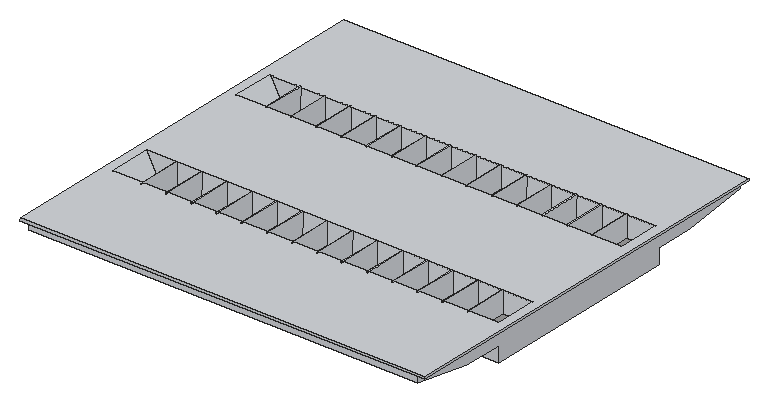
Revit family "0052580 Sylvania Lighting Fixture RANA NEO 3300LM REC 600x600 830 SSC 2L WHITE", category Lighting Fixtures, host Face, Revit 2016
Family settings
  Host = Face
  Part Type = Normal
  Round Connector Dimension = Use Diameter
  OmniClass Number = 23.80.70.00
  OmniClass Title = Lighting
  Cut with Voids When Loaded = No
  Light Source = Yes
  Shared = No
  Room Calculation Point = No
Parameters (values of type "0052580 RANA NEO 3300LM R 600 830 SSC 2L WHT")
  fin7 = 37 mm
  fin3 = 332 mm
  fin2 [instance] = 368 mm
  fin 6 = 110 mm
  fin 5 = 185 mm
  fin 4 = 258 mm
  fin 3 [instance] = 318 mm
  fin 2 = 407 mm
  fin 1 = 480 mm
  Width_SYL = if([600x600_SYL], 595 mm, if([625x625_SYL], 620 mm, if([1200_SYL], 296 mm, 306 mm)))  # 595 mm
  Weight = "n/a"
  Wattage Comments = ""
  Wattage = 28 W
  WarrantyStartDate [instance] = "n/a"
  WarrantyGuarantorParts = "n/a"
  WarrantyDurationUnit = "n/a"
  WarrantyDurationParts = ""
  WarrantyDescription = "http://www.sylvania-lighting.com"
  built-in parameter 1150110 = 1 (stored number, unit not read)
  Voltage = 0 V
  URL = "0.95"
  TypeName = "RANA NEO 3300LM REC 600x600 830 SSC 2L WHITE"
  Type Image = <None>
  Type Comments = "n/a"
  built-in parameter 1114217 = 1 (stored number, unit not read)
  TopWidth_SYL = if([600x600_SYL], 295 mm, if([625x625_SYL], 295 mm, if([1200_SYL], 165 mm, 165 mm)))  # 295 mm
  Tilt Angle = -90.00°
  built-in parameter 1150109 = 1 (stored number, unit not read)
  built-in parameter 1150134 = (empty or 0)
  built-in parameter 1150113 = 1 (stored number, unit not read)
  SlopeTopWidth_SYL = if([600x600_SYL], 410 mm, if([625x625_SYL], 410 mm, if([1200_SYL], 168 mm, 168 mm)))  # 410 mm
  SlopeBottomWidth_SYL = if([600x600_SYL], 593 mm, if([625x625_SYL], 593 mm, if([1200_SYL], 244 mm, 244 mm)))  # 593 mm
  SlopeHeight_SYL = if([600x600_SYL], 17 mm, if([625x625_SYL], 17 mm, if([1200_SYL], 40 mm, 40 mm)))  # 17 mm
  SerialNumber [instance] = "n/a"
  ReflectorNumber_SYL = if([1Ref_SYL], 2, if([2Ref_SYL], 2, 3))  # 2
  ReflectorLength_SYL = Length_SYL - Inset_SYL * 2 - 5 mm  # 550 mm
  ReflectorInset_SYL = if([1Ref_SYL], 82.4 mm, if([2Ref_SYL], 30 mm, 30 mm))  # 30 mm
  Photometric Web File = "0052580.ies"
  Material_3_SYL = none
  PowerFactor = 0.95
  PowerConsumption = "Lighting"
  NominalLength = 595 mm
  NominalHeight = 60 mm
  NominalDepth = 595 mm
  Name = "RANA NEO 3300LM REC 600x600 830 SSC 2L WHITE"
  ModelReference = Name  # "RANA NEO 3300LM REC 600x600 830 SSC 2L WHITE"
  ModelNumber = "0052580"
  Model = Name  # "RANA NEO 3300LM REC 600x600 830 SSC 2L WHITE"
  Material = "Feilo Sylvania"
  ManufacturerName = "108 lm/W"
  Manufacturer = ""
  LuminousEfficacy = ""
  built-in parameter 1150105 = 222.82 (stored number, unit not read)
  Lumens = 2800 lm
  LuminaireType = "0"
  built-in parameter 1150115 = 1 (stored number, unit not read)
  LouverNumber_SYL = if([600x600_SYL], 14, if([625x625_SYL], 14, if([1200_SYL], 28, 28)))  # 14
  LightOutputRatio = "LED"
  built-in parameter 1150137 = (empty or 0)
  built-in parameter 1150139 = (empty or 0)
  Length_SYL = if([600x600_SYL], 595 mm, if([625x625_SYL], 620 mm, if([1200_SYL], 1196 mm, 1246 mm)))  # 595 mm
  LampsType = Lamp  # "n/a"
  LampNominalLuminous = "3000 K"
  LampMacAdamStep = "80"
  LampColourTemperature = "LED"
  LampColourRenderingIndex = "16500"
  built-in parameter 1150112 = 1 (stored number, unit not read)
  built-in parameter 1150114 = 1 (stored number, unit not read)
  Lamp = "n/a"
  LED position [instance] = 410 mm
  LED inside width = 165 mm
  LED inner void = 521.5 mm
  LED Width = 290 mm
  LED Length = 568 mm
  Keynote = "n/a"
  InstallationDate [instance] = "n/a"
  Inset_SYL = 20 mm  # constant formula
  InputVoltage = "0"
  InputNominalFrequency = "3000"
  built-in parameter 1150132 = (empty or 0)
  built-in parameter 1150102 = (empty or 0)
  built-in parameter 1150107 = 3000 (stored number, unit not read)
  built-in parameter 1150138 = (empty or 0)
  IngressProtection = "IfcLightFixtureType"
  ImpactProtectionIndex = "IfcLightFixtureType"
  built-in parameter 1150106 = 2.2282 (stored number, unit not read)
  IfcExportType = "IfcLightFixtureType"
  IfcExportAs = "Class I"
  Height = 52 mm
  Emit from Rectangle Width = if([1Ref_SYL], 48 mm, TopWidth_SYL - 13 mm)  # 282 mm
  Emit from Rectangle Length = ReflectorLength_SYL - 8 mm  # 542 mm
  Emit Shape Visible in Rendering = no
  ElectricShockClassification = "108"
  built-in parameter 1150104 = 9.2903 (stored number, unit not read)
  DocumentationLiterature = "http://www.sylvania-lighting.com/product/en-int/products/0052580"
  DimmingControlOptions = "n/a"
  Material_2_SYL = none
  Dimming Lamp Color Temperature Shift = <None>
  Description = "-"
  Default Elevation = 1219.2 mm
  CreatedOn = "25/11/2019"
  CreatedBy = "@sylvania-lighting.com"
  Cost = 0
  Color Filter = 16777215
  built-in parameter 1114216 [instance] = (empty or 0)
  ClassificationValue = "EF_70_80"
  ClassificationName = "Uniclass2015"
  Material_1_SYL = none
  BarCode [instance] = "n/a"
  built-in parameter 1114218 = 1 (stored number, unit not read)
  built-in parameter 1150133 = 10 (stored number, unit not read)
  AssetType = "Fixed"
  AssetIdentifier [instance] = "n/a"
  Assembly Code = "D5020200"
  Apparent Load = 31 VA
  Material_4_SYL = none
  625x625_SYL = no
  600x600_SYL = yes
  2Ref_SYL = yes
  1Ref_SYL = no
  1200_SYL = no
Reference planes
  plane 1 "Center (Front/Back)": y = 0
  plane 2: z = 0
  plane 3 "Center (Left/Right)": x = 0
  plane 4: x = 297.5
  plane 5: x = -297.5
  plane 6: y = 297.5
  plane 7: y = -297.5
  plane 8: z = -120
  plane 9: z = -3
  plane 10: z = -12
  plane 11: z = -29
  plane 12: z = -52
  plane 13: y = -296.5
  plane 14: y = 296.5
  plane 15: y = 145
  plane 16: y = -145
  plane 17: y = 82.5
  plane 18: y = -82.5
  plane 19: x = -284
  plane 20: x = 284
  plane 21: y = 141
  plane 22: y = 86.5
  plane 23: x = -264
  plane 24: x = 257.5
  plane 25: x = -286
  plane 26: x = 286
  plane 27: y = -86.5
  plane 28: y = -141
  plane 29: x = 18.5
  plane 30: x = -18.5
  plane 31: x = 55
  plane 32: x = -55
  plane 33: x = 92.5
  plane 34: x = -92.5
  plane 35: x = 129
  plane 36: x = -129
  plane 37: x = 166
  plane 38: x = -166
  plane 39: x = -203.5
  plane 40: x = 203.5
  plane 41: x = -240
  plane 42: x = 240
  plane 43: x = 169.5
  plane 44: x = 162.5
  plane 45: x = 166.5
  plane 46: x = 165.5
Forms (mm)
  Extrusion 1, void
    sketch origin (0, 0, 0) x (1, 0, 0) y (0, 1, 0)
      loop
        line (-297.5, 297.5) -> (-297.5, -297.5) -> (297.5, -297.5) -> (297.5, 297.5) -> (-297.5, 297.5)
    from -120 to 0
  Extrusion 2, solid, detail levels medium+fine
    sketch origin (0, 0, 0) x (0, 1, 0) y (0, 0, 1)
      loop
        line (-296.5, 0) -> (-296.5, -12) -> (-205, -29) -> (-147.5, -29) -> (-147.5, -52) -> (147.5, -52) -> (147.5, -29) -> (205, -29) -> (296.5, -17.514) -> (296.5, 0) -> (-296.5, 0)
    from -286 to 286
  Extrusion 3, solid, detail levels medium+fine
    sketch origin (275, 1524, 1219.2) x (0, 1, 0) y (0, 0, 1)
      loop
        line (-1226.5, -1222.2) -> (-1226.5, -1219.2) -> (-1820.5, -1219.2) -> (-1820.5, -1222.2) -> (-1226.5, -1222.2)
    from 11 to 22.5
  Extrusion 4, solid, detail levels medium+fine
    sketch origin (-275, 1524, 1219.2) x (0, 1, 0) y (0, 0, 1)
      loop
        line (-1820.5, -1222.2) -> (-1227.5, -1222.2) -> (-1227.5, -1219.2) -> (-1820.5, -1219.2) -> (-1820.5, -1222.2)
    from -11 to -22.5
  Extrusion 5, solid, detail levels medium+fine
    sketch origin (0, 0, 0) x (0, 1, 0) y (0, 0, 1)
      loop
        line (-297.5, 0) -> (-297.5, -3) -> (-296.5, -3) -> (-296.5, 0) -> (-297.5, 0)
      loop
        line (297.5, -3) -> (297.5, 0) -> (296.5, 0) -> (296.5, -3) -> (297.5, -3)
    from -297.5 to 297.5
  Blend 6, void
    base sketch origin (0, 0, 0) x (1, 0, 0) y (0, 1, 0)
      loop
        line (-284, 145) -> (-284, 82.5) -> (284, 82.5) -> (284, 145) -> (-284, 145)
    top sketch origin (0, 0, 0) x (1, 0, 0) y (0, 1, 0)
      loop
        line (-264, 141) -> (-264, 86.5) -> (257.5, 86.5) -> (257.5, 141) -> (-264, 141)
    from 0 to -29
  Blend 7, void
    base sketch origin (0, 0, 0) x (1, 0, 0) y (0, 1, 0)
      loop
        line (-284, -82.5) -> (-284, -145) -> (284, -145) -> (284, -82.5) -> (-284, -82.5)
    top sketch origin (0, 0, 0) x (1, 0, 0) y (0, 1, 0)
      loop
        line (257.5, -86.5) -> (-264, -86.5) -> (-264, -141) -> (257.5, -141) -> (257.5, -86.5)
    from 0 to -29
  Extrusion 8, solid, detail levels fine
    sketch origin (0, 0, 0) x (1, 0, 0) y (0, 0, 1)
      loop
        line (162.5, -29) -> (169.5, -29) -> (166.5, 0) -> (165.5, 0) -> (162.5, -29)
    from -145 to -82.5
  Extrusion 9, solid, detail levels fine
    sketch origin (37.5, 0, 0) x (1, 0, 0) y (0, 0, 1)
      loop
        line (162.5, -29) -> (169.5, -29) -> (166.5, 0) -> (165.5, 0) -> (162.5, -29)
    from -145 to -82.5
  Extrusion 10, solid, detail levels fine
    sketch origin (74, 0, 0) x (1, 0, 0) y (0, 0, 1)
      loop
        line (162.5, -29) -> (169.5, -29) -> (166.5, 0) -> (165.5, 0) -> (162.5, -29)
    from -145 to -82.5
  Extrusion 11, solid, detail levels fine
    sketch origin (-37, 0, 0) x (1, 0, 0) y (0, 0, 1)
      loop
        line (162.5, -29) -> (169.5, -29) -> (166.5, 0) -> (165.5, 0) -> (162.5, -29)
    from -145 to -82.5
  Extrusion 12, solid, detail levels fine
    sketch origin (-73.5, 0, 0) x (1, 0, 0) y (0, 0, 1)
      loop
        line (162.5, -29) -> (169.5, -29) -> (166.5, 0) -> (165.5, 0) -> (162.5, -29)
    from -145 to -82.5
  Extrusion 13, solid, detail levels fine
    sketch origin (-111, 0, 0) x (1, 0, 0) y (0, 0, 1)
      loop
        line (162.5, -29) -> (169.5, -29) -> (166.5, 0) -> (165.5, 0) -> (162.5, -29)
    from -145 to -82.5
  Extrusion 14, solid, detail levels fine
    sketch origin (-147.5, 0, 0) x (1, 0, 0) y (0, 0, 1)
      loop
        line (162.5, -29) -> (169.5, -29) -> (166.5, 0) -> (165.5, 0) -> (162.5, -29)
    from -145 to -82.5
  Extrusion 15, solid, detail levels fine
    sketch origin (-184.5, 0, 0) x (1, 0, 0) y (0, 0, 1)
      loop
        line (162.5, -29) -> (169.5, -29) -> (166.5, 0) -> (165.5, 0) -> (162.5, -29)
    from -145 to -82.5
  Extrusion 16, solid, detail levels fine
    sketch origin (-221, 0, 0) x (1, 0, 0) y (0, 0, 1)
      loop
        line (162.5, -29) -> (169.5, -29) -> (166.5, 0) -> (165.5, 0) -> (162.5, -29)
    from -145 to -82.5
  Extrusion 17, solid, detail levels fine
    sketch origin (-258.5, 0, 0) x (1, 0, 0) y (0, 0, 1)
      loop
        line (162.5, -29) -> (169.5, -29) -> (166.5, 0) -> (165.5, 0) -> (162.5, -29)
    from -145 to -82.5
  Extrusion 18, solid, detail levels fine
    sketch origin (-295, 0, 0) x (1, 0, 0) y (0, 0, 1)
      loop
        line (162.5, -29) -> (169.5, -29) -> (166.5, 0) -> (165.5, 0) -> (162.5, -29)
    from -145 to -82.5
  Extrusion 19, solid, detail levels fine
    sketch origin (-332, 0, 0) x (1, 0, 0) y (0, 0, 1)
      loop
        line (162.5, -29) -> (169.5, -29) -> (166.5, 0) -> (165.5, 0) -> (162.5, -29)
    from -145 to -82.5
  Extrusion 20, solid, detail levels fine
    sketch origin (-369.5, 0, 0) x (1, 0, 0) y (0, 0, 1)
      loop
        line (162.5, -29) -> (169.5, -29) -> (166.5, 0) -> (165.5, 0) -> (162.5, -29)
    from -145 to -82.5
  Extrusion 21, solid, detail levels fine
    sketch origin (-406, 0, 0) x (1, 0, 0) y (0, 0, 1)
      loop
        line (162.5, -29) -> (169.5, -29) -> (166.5, 0) -> (165.5, 0) -> (162.5, -29)
    from -145 to -82.5
  Extrusion 22, solid, detail levels fine
    sketch origin (-406.072, 0, -0.017) x (1, 0, 0) y (0, 0, 1)
      loop
        line (162.5, -29) -> (169.5, -29) -> (166.5, 0) -> (165.5, 0) -> (162.5, -29)
    from 82.5 to 147.5
  Extrusion 23, solid, detail levels fine
    sketch origin (-369.572, 0, -0.017) x (1, 0, 0) y (0, 0, 1)
      loop
        line (162.5, -29) -> (169.5, -29) -> (166.5, 0) -> (165.5, 0) -> (162.5, -29)
    from 82.5 to 147.5
  Extrusion 24, solid, detail levels fine
    sketch origin (-331.998, 0, -0.017) x (1, 0, 0) y (0, 0, 1)
      loop
        line (162.5, -29) -> (169.5, -29) -> (166.5, 0) -> (165.5, 0) -> (162.5, -29)
    from 82.5 to 147.5
  Extrusion 25, solid, detail levels fine
    sketch origin (-294.998, 0, -0.017) x (1, 0, 0) y (0, 0, 1)
      loop
        line (162.5, -29) -> (169.5, -29) -> (166.5, 0) -> (165.5, 0) -> (162.5, -29)
    from 82.5 to 147.5
  Extrusion 26, solid, detail levels fine
    sketch origin (-258.498, 0, -0.017) x (1, 0, 0) y (0, 0, 1)
      loop
        line (162.5, -29) -> (169.5, -29) -> (166.5, 0) -> (165.5, 0) -> (162.5, -29)
    from 82.5 to 147.5
  Extrusion 27, solid, detail levels fine
    sketch origin (-221, 0, -0.017) x (1, 0, 0) y (0, 0, 1)
      loop
        line (162.5, -29) -> (169.5, -29) -> (166.5, 0) -> (165.5, 0) -> (162.5, -29)
    from 82.5 to 147.5
  Extrusion 28, solid, detail levels fine
    sketch origin (-184.5, 0, -0.017) x (1, 0, 0) y (0, 0, 1)
      loop
        line (162.5, -29) -> (169.5, -29) -> (166.5, 0) -> (165.5, 0) -> (162.5, -29)
    from 82.5 to 147.5
  Extrusion 29, solid, detail levels fine
    sketch origin (-147.5, 0, -0.017) x (1, 0, 0) y (0, 0, 1)
      loop
        line (162.5, -29) -> (169.5, -29) -> (166.5, 0) -> (165.5, 0) -> (162.5, -29)
    from 82.5 to 147.5
  Extrusion 30, solid, detail levels fine
    sketch origin (-111, 0, -0.017) x (1, 0, 0) y (0, 0, 1)
      loop
        line (162.5, -29) -> (169.5, -29) -> (166.5, 0) -> (165.5, 0) -> (162.5, -29)
    from 82.5 to 147.5
  Extrusion 31, solid, detail levels fine
    sketch origin (-73.5, 0, -0.017) x (1, 0, 0) y (0, 0, 1)
      loop
        line (162.5, -29) -> (169.5, -29) -> (166.5, 0) -> (165.5, 0) -> (162.5, -29)
    from 82.5 to 147.5
  Extrusion 32, solid, detail levels fine
    sketch origin (-37, 0, -0.017) x (1, 0, 0) y (0, 0, 1)
      loop
        line (162.5, -29) -> (169.5, -29) -> (166.5, 0) -> (165.5, 0) -> (162.5, -29)
    from 82.5 to 147.5
  Extrusion 33, solid, detail levels fine
    sketch origin (0, 0, -0.017) x (1, 0, 0) y (0, 0, 1)
      loop
        line (162.5, -29) -> (169.5, -29) -> (166.5, 0) -> (165.5, 0) -> (162.5, -29)
    from 82.5 to 147.5
  Extrusion 34, solid, detail levels fine
    sketch origin (37.5, 0, -0.017) x (1, 0, 0) y (0, 0, 1)
      loop
        line (162.5, -29) -> (169.5, -29) -> (166.5, 0) -> (165.5, 0) -> (162.5, -29)
    from 82.5 to 147.5
  Extrusion 35, solid, detail levels fine
    sketch origin (74, 0, -0.017) x (1, 0, 0) y (0, 0, 1)
      loop
        line (162.5, -29) -> (169.5, -29) -> (166.5, 0) -> (165.5, 0) -> (162.5, -29)
    from 82.5 to 147.5
  Extrusion 36, solid, material "Glass, White, High Luminance", detail levels fine
    sketch origin (0, 0, 0) x (1, 0, 0) y (0, 1, 0)
      loop
        line (-264, 141) -> (-264, 86.5) -> (257.5, 86.5) -> (257.5, 141) -> (-264, 141)
    from -29 to -28
  Extrusion 37, solid, material "Glass, White, High Luminance", detail levels fine
    sketch origin (0, 0, 0) x (1, 0, 0) y (0, 1, 0)
      loop
        line (-264, -86.5) -> (-264, -141) -> (257.5, -141) -> (257.5, -86.5) -> (-264, -86.5)
    from -29 to -28
  Extrusion 38, solid, detail levels coarse
    sketch origin (0, 0, 0) x (1, 0, 0) y (0, 1, 0)
      loop
        line (-297.5, 297.5) -> (-297.5, -297.5) -> (297.5, -297.5) -> (297.5, 297.5) -> (-297.5, 297.5)
    from -52 to 0
Cuts and joins
  Blend 6, Blend 7 cuts Extrusion 2
  Blend 6, Blend 7 cuts Extrusion 3
  Blend 6, Blend 7 cuts Extrusion 4
  Blend 6, Blend 7 cuts Extrusion 5
  joined: Extrusion 2, Extrusion 3, Extrusion 4, Extrusion 5
Dimensions and locks
  "Length_SYL": plane 5 to plane 4
  locked: plane 2 to plane 8 at 120
  locked: plane 2 to plane 9 at 3
  locked: plane 2 to plane 10 at 12
  "SlopeHeight_SYL": plane 11 to plane 10
  "Height": plane 2 to plane 12
  equal spacing: plane 13, plane 1 "Center (Front/Back)", plane 14
  "SlopeBottomWidth_SYL": plane 13 to plane 14
  "LED Width": plane 15 to plane 16
  equal spacing: plane 15, plane 1 "Center (Front/Back)", plane 16
  "LED inside width": plane 17 to plane 18
  equal spacing: plane 17, plane 1 "Center (Front/Back)", plane 18
  "LED Length": plane 19 to plane 20
  equal spacing: plane 19, plane 3 "Center (Left/Right)", plane 20
  "LED inner void": plane 23 to plane 24
  "fin7": plane 29 to plane 30
  equal spacing: plane 29, plane 3 "Center (Left/Right)", plane 30
  "fin 6": plane 31 to plane 32
  equal spacing: plane 31, plane 3 "Center (Left/Right)", plane 32
  "fin 5": plane 33 to plane 34
  equal spacing: plane 33, plane 3 "Center (Left/Right)", plane 34
  "fin 4": plane 35 to plane 36
  equal spacing: plane 35, plane 3 "Center (Left/Right)", plane 36
  "fin 2": plane 40 to plane 39
  equal spacing: plane 40, plane 3 "Center (Left/Right)", plane 39
  "fin3": plane 37 to plane 38
  equal spacing: plane 37, plane 3 "Center (Left/Right)", plane 38
  "fin 1": plane 42 to plane 41
  equal spacing: plane 42, plane 3 "Center (Left/Right)", plane 41
  aligned and locked: plane 2 to host face
  aligned and locked: level to host face
  aligned and locked: plane 6 to Extrusion 1 sketch curve
  aligned and locked: plane 5 to Extrusion 1 sketch curve
  aligned and locked: Extrusion 1 sketch curve to plane 7
  aligned and locked: Extrusion 1 sketch curve to plane 4
  aligned and locked: level to Extrusion 1
  aligned and locked: plane 8 to Extrusion 1
  aligned and locked: plane 2 to Extrusion 1
  aligned and locked: plane 10 to Extrusion 2 sketch curve
  aligned and locked: plane 12 to Extrusion 2 sketch curve
  aligned and locked: plane 11 to Extrusion 2 sketch curve  (x2)
  aligned and locked: Extrusion 2 sketch curve to level
  aligned and locked: Extrusion 3 sketch curve to Extrusion 2
  aligned and locked: plane 6 to Extrusion 3 sketch curve
  aligned and locked: plane 4 to Extrusion 3
  aligned and locked: cut or joined group of Extrusion 2, Extrusion 3, Extrusion 4, Extrusion 5, Blend 6, Blend 7 to Extrusion 4 sketch curve  (x3)
  aligned and locked: Extrusion 4 sketch curve to cut or joined group of Extrusion 2, Extrusion 3, Extrusion 4, Extrusion 5, Blend 6, Blend 7
  aligned and locked: Extrusion 4 to plane 5
  aligned and locked: Extrusion 3 to Extrusion 2
  aligned and locked: Extrusion 4 to Extrusion 2
  aligned and locked: plane 14 to Extrusion 2 sketch curve
  aligned and locked: plane 13 to Extrusion 2 sketch curve
  aligned and locked: Extrusion 5 sketch curve to level  (x2)
  aligned and locked: Extrusion 5 sketch curve to plane 7
  aligned and locked: Extrusion 5 sketch curve to cut or joined group of Extrusion 2, Extrusion 3, Extrusion 4, Extrusion 5, Blend 6, Blend 7  (x4)
  aligned and locked: cut or joined group of Extrusion 2, Extrusion 3, Extrusion 4, Extrusion 5, Blend 6, Blend 7 to Extrusion 5 sketch curve
  aligned and locked: Extrusion 5 to plane 5
  aligned and locked: plane 4 to Extrusion 5
Automatic sketch dimensions
  host sketch curve to host sketch curve = 1219.2 mm
  host sketch curve to host sketch curve = 1211.616 mm
  Extrusion 2 sketch curve to plane 16 = 60 mm
  Extrusion 2 sketch curve to plane 16 = 2.5 mm
  plane 15 to Extrusion 2 sketch curve = 2.5 mm
  Extrusion 2 sketch curve to Extrusion 2 sketch curve = 57.5 mm
  plane 10 to Extrusion 2 sketch curve = 5.514 mm
  plane 9 to Extrusion 3 sketch curve = 0 mm
  Extrusion 3 sketch curve to plane 13 = 0 mm
  Blend 6 sketch curve to plane 17 = 0 mm
  Blend 6 sketch curve to plane 19 = 0 mm
  Blend 6 sketch curve to plane 20 = 0 mm
  Blend 6 sketch curve to plane 15 = 0 mm
  Blend 6 sketch curve to plane 22 = 0 mm
  Blend 6 sketch curve to plane 23 = 0 mm
  Blend 6 sketch curve to plane 24 = 0 mm
  Blend 6 sketch curve to plane 21 = 0 mm
  Blend 7 sketch curve to plane 16 = 0 mm
  Blend 7 sketch curve to plane 19 = 0 mm
  Blend 7 sketch curve to plane 20 = 0 mm
  Blend 7 sketch curve to plane 18 = 0 mm
  Blend 7 sketch curve to plane 23 = 0 mm
  Blend 7 sketch curve to plane 24 = 0 mm
  Blend 7 sketch curve to plane 28 = 0 mm
  Blend 7 sketch curve to plane 27 = 0 mm
  Extrusion 8 sketch curve to plane 11 = 0 mm
  Extrusion 8 sketch curve to plane 44 = 0 mm
  Extrusion 8 sketch curve to level = 0 mm
  Extrusion 8 sketch curve to plane 46 = 0 mm
  Extrusion 8 sketch curve to plane 45 = 0 mm
  Extrusion 8 sketch curve to plane 43 = 0 mm
  Extrusion 9 sketch curve to plane 11 = 0 mm
  Extrusion 9 sketch curve to level = 0 mm
  Extrusion 9 sketch curve to plane 40 = 3.5 mm
  Extrusion 9 sketch curve to plane 40 = 0.5 mm
  plane 40 to Extrusion 9 sketch curve = 0.5 mm
  plane 40 to Extrusion 9 sketch curve = 3.5 mm
  Extrusion 10 sketch curve to plane 11 = 0 mm
  Extrusion 10 sketch curve to level = 0 mm
  Extrusion 10 sketch curve to plane 42 = 3.5 mm
  Extrusion 10 sketch curve to plane 42 = 0.5 mm
  plane 42 to Extrusion 10 sketch curve = 0.5 mm
  plane 42 to Extrusion 10 sketch curve = 3.5 mm
  Extrusion 11 sketch curve to plane 11 = 0 mm
  Extrusion 11 sketch curve to level = 0 mm
  Extrusion 11 sketch curve to plane 35 = 3.5 mm
  Extrusion 11 sketch curve to plane 35 = 0.5 mm
  plane 35 to Extrusion 11 sketch curve = 0.5 mm
  plane 35 to Extrusion 11 sketch curve = 3.5 mm
  Extrusion 12 sketch curve to plane 11 = 0 mm
  Extrusion 12 sketch curve to level = 0 mm
  Extrusion 12 sketch curve to plane 33 = 3.5 mm
  Extrusion 12 sketch curve to plane 33 = 0.5 mm
  plane 33 to Extrusion 12 sketch curve = 0.5 mm
  plane 33 to Extrusion 12 sketch curve = 3.5 mm
  Extrusion 13 sketch curve to plane 11 = 0 mm
  Extrusion 13 sketch curve to level = 0 mm
  Extrusion 13 sketch curve to plane 31 = 3.5 mm
  Extrusion 13 sketch curve to plane 31 = 0.5 mm
  plane 31 to Extrusion 13 sketch curve = 0.5 mm
  plane 31 to Extrusion 13 sketch curve = 3.5 mm
  Extrusion 14 sketch curve to plane 11 = 0 mm
  Extrusion 14 sketch curve to level = 0 mm
  Extrusion 14 sketch curve to plane 29 = 3.5 mm
  Extrusion 14 sketch curve to plane 29 = 0.5 mm
  plane 29 to Extrusion 14 sketch curve = 0.5 mm
  plane 29 to Extrusion 14 sketch curve = 3.5 mm
  Extrusion 15 sketch curve to plane 11 = 0 mm
  Extrusion 15 sketch curve to level = 0 mm
  Extrusion 15 sketch curve to plane 30 = 3.5 mm
  Extrusion 15 sketch curve to plane 30 = 0.5 mm
  plane 30 to Extrusion 15 sketch curve = 0.5 mm
  plane 30 to Extrusion 15 sketch curve = 3.5 mm
  Extrusion 16 sketch curve to plane 11 = 0 mm
  Extrusion 16 sketch curve to level = 0 mm
  Extrusion 16 sketch curve to plane 32 = 3.5 mm
  Extrusion 16 sketch curve to plane 32 = 0.5 mm
  plane 32 to Extrusion 16 sketch curve = 0.5 mm
  plane 32 to Extrusion 16 sketch curve = 3.5 mm
  Extrusion 17 sketch curve to plane 11 = 0 mm
  Extrusion 17 sketch curve to level = 0 mm
  Extrusion 17 sketch curve to plane 34 = 3.5 mm
  Extrusion 17 sketch curve to plane 34 = 0.5 mm
  plane 34 to Extrusion 17 sketch curve = 0.5 mm
  plane 34 to Extrusion 17 sketch curve = 3.5 mm
  Extrusion 18 sketch curve to plane 11 = 0 mm
  Extrusion 18 sketch curve to level = 0 mm
  Extrusion 18 sketch curve to plane 36 = 3.5 mm
  Extrusion 18 sketch curve to plane 36 = 0.5 mm
  plane 36 to Extrusion 18 sketch curve = 0.5 mm
  plane 36 to Extrusion 18 sketch curve = 3.5 mm
  Extrusion 19 sketch curve to plane 11 = 0 mm
  Extrusion 19 sketch curve to level = 0 mm
  Extrusion 19 sketch curve to plane 38 = 3.5 mm
  Extrusion 19 sketch curve to plane 38 = 0.5 mm
  plane 38 to Extrusion 19 sketch curve = 0.5 mm
  plane 38 to Extrusion 19 sketch curve = 3.5 mm
  Extrusion 20 sketch curve to plane 11 = 0 mm
  Extrusion 20 sketch curve to level = 0 mm
  Extrusion 20 sketch curve to plane 39 = 3.5 mm
  Extrusion 20 sketch curve to plane 39 = 0.5 mm
  plane 39 to Extrusion 20 sketch curve = 0.5 mm
  plane 39 to Extrusion 20 sketch curve = 3.5 mm
  Extrusion 21 sketch curve to plane 11 = 0 mm
  Extrusion 21 sketch curve to level = 0 mm
  Extrusion 21 sketch curve to plane 41 = 3.5 mm
  Extrusion 21 sketch curve to plane 41 = 0.5 mm
  plane 41 to Extrusion 21 sketch curve = 0.5 mm
  plane 41 to Extrusion 21 sketch curve = 3.5 mm
  plane 11 to Extrusion 22 sketch curve = 0.017 mm
  Extrusion 22 sketch curve to plane 41 = 3.572 mm
  Extrusion 22 sketch curve to level = 0.017 mm
  Extrusion 22 sketch curve to plane 41 = 0.572 mm
  plane 41 to Extrusion 22 sketch curve = 0.428 mm
  plane 41 to Extrusion 22 sketch curve = 3.428 mm
  plane 11 to Extrusion 23 sketch curve = 0.017 mm
  Extrusion 23 sketch curve to plane 39 = 3.572 mm
  Extrusion 23 sketch curve to level = 0.017 mm
  Extrusion 23 sketch curve to plane 39 = 0.572 mm
  plane 39 to Extrusion 23 sketch curve = 0.428 mm
  plane 39 to Extrusion 23 sketch curve = 3.428 mm
  plane 11 to Extrusion 24 sketch curve = 0.017 mm
  Extrusion 24 sketch curve to plane 38 = 3.498 mm
  Extrusion 24 sketch curve to level = 0.017 mm
  Extrusion 24 sketch curve to plane 38 = 0.498 mm
  plane 38 to Extrusion 24 sketch curve = 0.502 mm
  plane 38 to Extrusion 24 sketch curve = 3.502 mm
  plane 11 to Extrusion 25 sketch curve = 0.017 mm
  Extrusion 25 sketch curve to plane 36 = 3.498 mm
  Extrusion 25 sketch curve to level = 0.017 mm
  Extrusion 25 sketch curve to plane 36 = 0.498 mm
  plane 36 to Extrusion 25 sketch curve = 0.502 mm
  plane 36 to Extrusion 25 sketch curve = 3.502 mm
  plane 11 to Extrusion 26 sketch curve = 0.017 mm
  Extrusion 26 sketch curve to plane 34 = 3.498 mm
  Extrusion 26 sketch curve to level = 0.017 mm
  Extrusion 26 sketch curve to plane 34 = 0.498 mm
  plane 34 to Extrusion 26 sketch curve = 0.502 mm
  plane 34 to Extrusion 26 sketch curve = 3.502 mm
  plane 11 to Extrusion 27 sketch curve = 0.017 mm
  Extrusion 27 sketch curve to plane 32 = 3.5 mm
  Extrusion 27 sketch curve to level = 0.017 mm
  Extrusion 27 sketch curve to plane 32 = 0.5 mm
  plane 32 to Extrusion 27 sketch curve = 0.5 mm
  plane 32 to Extrusion 27 sketch curve = 3.5 mm
  plane 11 to Extrusion 28 sketch curve = 0.017 mm
  Extrusion 28 sketch curve to plane 30 = 3.5 mm
  Extrusion 28 sketch curve to level = 0.017 mm
  Extrusion 28 sketch curve to plane 30 = 0.5 mm
  plane 30 to Extrusion 28 sketch curve = 0.5 mm
  plane 30 to Extrusion 28 sketch curve = 3.5 mm
  plane 11 to Extrusion 29 sketch curve = 0.017 mm
  Extrusion 29 sketch curve to plane 29 = 3.5 mm
  Extrusion 29 sketch curve to level = 0.017 mm
  Extrusion 29 sketch curve to plane 29 = 0.5 mm
  plane 29 to Extrusion 29 sketch curve = 0.5 mm
  plane 29 to Extrusion 29 sketch curve = 3.5 mm
  plane 11 to Extrusion 30 sketch curve = 0.017 mm
  Extrusion 30 sketch curve to plane 31 = 3.5 mm
  Extrusion 30 sketch curve to level = 0.017 mm
  Extrusion 30 sketch curve to plane 31 = 0.5 mm
  plane 31 to Extrusion 30 sketch curve = 0.5 mm
  plane 31 to Extrusion 30 sketch curve = 3.5 mm
  plane 11 to Extrusion 31 sketch curve = 0.017 mm
  Extrusion 31 sketch curve to plane 33 = 3.5 mm
  Extrusion 31 sketch curve to level = 0.017 mm
  Extrusion 31 sketch curve to plane 33 = 0.5 mm
  plane 33 to Extrusion 31 sketch curve = 0.5 mm
  plane 33 to Extrusion 31 sketch curve = 3.5 mm
  plane 11 to Extrusion 32 sketch curve = 0.017 mm
  Extrusion 32 sketch curve to plane 35 = 3.5 mm
  Extrusion 32 sketch curve to level = 0.017 mm
  Extrusion 32 sketch curve to plane 35 = 0.5 mm
  plane 35 to Extrusion 32 sketch curve = 0.5 mm
  plane 35 to Extrusion 32 sketch curve = 3.5 mm
  Extrusion 33 sketch curve to plane 44 = 0 mm
  Extrusion 33 sketch curve to plane 46 = 0 mm
  Extrusion 33 sketch curve to plane 45 = 0 mm
  Extrusion 33 sketch curve to plane 43 = 0 mm
  plane 11 to Extrusion 33 sketch curve = 0.017 mm
  Extrusion 33 sketch curve to level = 0.017 mm
  plane 11 to Extrusion 34 sketch curve = 0.017 mm
  Extrusion 34 sketch curve to plane 40 = 3.5 mm
  Extrusion 34 sketch curve to level = 0.017 mm
  Extrusion 34 sketch curve to plane 40 = 0.5 mm
  plane 40 to Extrusion 34 sketch curve = 0.5 mm
  plane 40 to Extrusion 34 sketch curve = 3.5 mm
  plane 11 to Extrusion 35 sketch curve = 0.017 mm
  Extrusion 35 sketch curve to plane 42 = 3.5 mm
  Extrusion 35 sketch curve to level = 0.017 mm
  Extrusion 35 sketch curve to plane 42 = 0.5 mm
  plane 42 to Extrusion 35 sketch curve = 0.5 mm
  plane 42 to Extrusion 35 sketch curve = 3.5 mm
  Extrusion 36 sketch curve to plane 22 = 0 mm
  Extrusion 36 sketch curve to plane 23 = 0 mm
  Extrusion 36 sketch curve to plane 24 = 0 mm
  Extrusion 36 sketch curve to plane 21 = 0 mm
  Extrusion 37 sketch curve to plane 23 = 0 mm
  Extrusion 37 sketch curve to plane 24 = 0 mm
  Extrusion 37 sketch curve to plane 28 = 0 mm
  Extrusion 37 sketch curve to plane 27 = 0 mm
  Extrusion 38 sketch curve to plane 5 = 0 mm
  Extrusion 38 sketch curve to plane 4 = 0 mm
  plane 7 to Extrusion 38 sketch curve = 0 mm
  plane 6 to Extrusion 38 sketch curve = 0 mm
Connectors
  electrical at (0, 0, -52), driven by "Voltage", driven by "Apparent Load", driven by "PowerFactor"
    settings: on cut or joined group of Extrusion 2, Extrusion 3, Extrusion 4, Extrusion 5, Blend 6, Blend 7, index 1, voltage 0 V, apparent load 31 VA, apparent load phase1 0 VA, apparent load phase2 0 VA, apparent load phase3 0 VA, power factor 0.95, load classification "Lighting", number of poles 1, system type 30, power factor state 1, is connector primary yes, connector utility no, sub classification motor no, connector description ""
